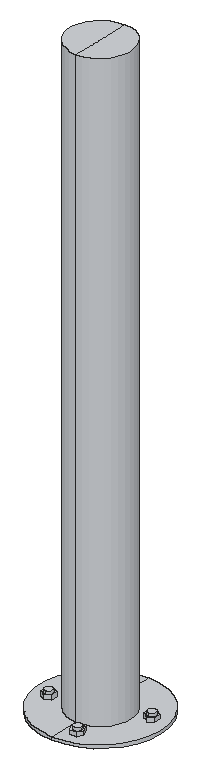
Revit family "Столбик парковочный нержавеющий Плоский", category Антураж, Revit 2017
Family settings
  На основе рабочей плоскости = Нет
  Всегда вертикально = Да
  При загрузке вырезать с полостями = Нет
  Источник визуального образа = Геометрия семейства
  Общий = Нет
  Точка расчета площади = Нет
Parameters (values of type "Столбик парковочный нержавеющий Плоский")
  Стоимость = 3235
  Изготовитель = "ООО \"Хоббика\""
  Высота = 0 mm
  URL = "https://hobbyka.ru/product/stolbik_parkovochnyy_nerzhaveyushchiy_ploskiy/?sphrase_id=70637"
  ADSK_Размер_Ширина = 150 mm
  ADSK_Размер_Диаметр = 76 mm
  ADSK_Размер_Высота = 750 mm
  ADSK_Наименование = "Столбик парковочный нержавеющий Плоский"
  ADSK_Материал фурнитуры = none
  ADSK_Материал парковочного столба = none
  ADSK_Код изделия = "10248"
Reference planes
  plane 1 "По центру (Вперед/Назад)": y = 0
  plane 2: z = 0
  plane 3 "По центру (Влево/Вправо)": x = 0
Forms (mm)
  Revolve 1, solid, material <- "ADSK_Материал парковочного столба"
    sketch origin (0, 0, 0) x (0, 1, 0) y (0, 0, 1)
      loop
        line (0, 750) -> (-38, 750) -> (-38, 4) -> (-75, 4) -> (-75, 0) -> (0, 0) -> (0, 750)
      axis (0, 750) -> (0, 0)
    angle from 0 to 360
  Extrusion 2, solid, material <- "ADSK_Материал фурнитуры"
    sketch origin (0, 0, 0) x (1, 0, 0) y (0, 1, 0)
      loop
        line (53.126, 22.235) -> (46.198, 18.235) -> (46.198, 10.235) -> (53.126, 6.235) -> (60.054, 10.235) -> (60.054, 18.235) -> (53.126, 22.235)
      loop
        line (-53.126, -6.235) -> (-60.054, -10.235) -> (-60.054, -18.235) -> (-53.126, -22.235) -> (-46.198, -18.235) -> (-46.198, -10.235) -> (-53.126, -6.235)
      loop
        line (-10.247, 60.075) -> (-18.247, 60.075) -> (-22.247, 53.147) -> (-18.247, 46.219) -> (-10.247, 46.219) -> (-6.247, 53.147) -> (-10.247, 60.075)
      loop
        line (18.229, -46.198) -> (10.229, -46.198) -> (6.229, -53.126) -> (10.229, -60.054) -> (18.229, -60.054) -> (22.229, -53.126) -> (18.229, -46.198)
    from 4 to 9
  Extrusion 3, solid, material <- "ADSK_Материал фурнитуры"
    sketch origin (0, 0, 0) x (1, 0, 0) y (0, 1, 0)
      loop
        circle (53.126, 14.235) r 5
      loop
        circle (-14.235, 53.126) r 5
      loop
        circle (-53.126, -14.235) r 5
      loop
        circle (14.235, -53.126) r 5
    from 9 to 11.695
Dimensions and locks
  aligned and locked: level to plane 2
